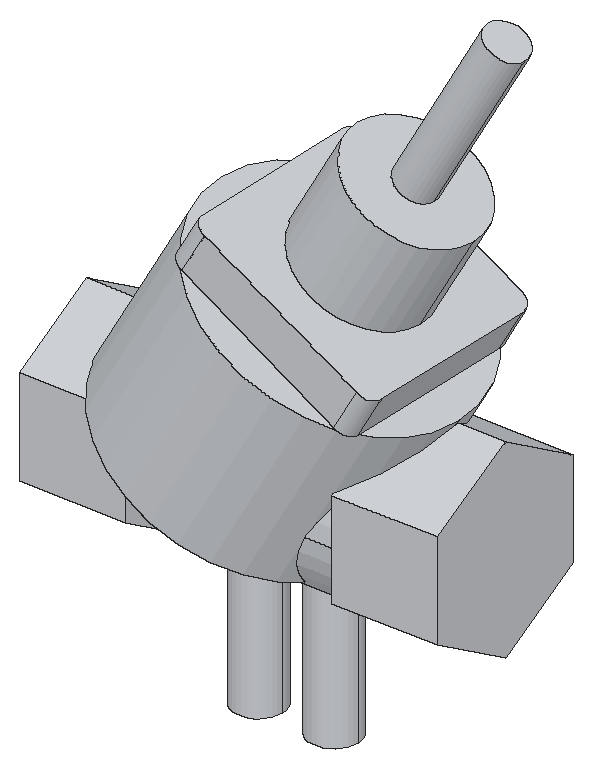
Revit family "OPTIMA_Compact_Plus_FF_DN40_15_RFA_2018", category Pipe Accessories, Revit 2018
Family settings
  Round Connector Dimension = Use Diameter
  Part Type = Valve - Breaks Into
  Work Plane-Based = No
  Always vertical = Yes
  Cut with Voids When Loaded = No
  Shared = No
Parameters (values of type "OPTIMA Compact Plus DN40 F-F 15mm")
  magiProductId = "370c574abdd74299b576400338a818"
  magiProductFamilyId = "6a52986d8e934b98ba96fc38d8cea2"
  magiPartTypeId = 304
  isMeasuringValve [instance] = no
  ang2D [instance] = 0.00°
  Z = 7 mm
  X = 15 mm
  W2D = 40 mm
  VersionID = "2.0/2018.8.28.1/FRESE_OPTIMA-COMP-FF-BIG_001"
  Use Minimum Symbol Size [instance] = yes
  URL = "www.hydronic.cz"
  Type Comments = "vnitřní závit; PN25; -10~120°C, s měřením"
  S3 = 40 mm
  S2 = 14 mm
  S1 = 6 mm
  R9 = 8 mm
  R7 = 7 mm
  R6 = 22 mm
  R5 = 5 mm
  R4 = 34 mm
  R3 = 45 mm
  R2 = 27 mm
  R1 = 32 mm
  QmdConnectorList = "301;D;302;D"
  Productdata [instance] = ""
  PLG0 = yes
  Manufacturer = "Hydronic Systems Prague s.r.o."
  MC Product Code = "53-1375  (6/4\" F-F; 15mm; Qmin-dpmin 1370l/h-10.0kPa; Qmax-dpmin 9500l/h-25.0kPa; dpmax 800kPa)"
  MC Piping Given Pressure Drop [instance] = 0.0 Pa
  LL = 69 mm
  L6 = 10 mm
  L5 = 29 mm
  L4 = 90 mm
  L3 = 12.5 mm
  L2D_Min = 3048 mm
  L2D = 138 mm
  L2 = 68 mm
  L1__ve = -L1  # -35 mm
  L1 = 35 mm
  H7 = 85.5 mm
  H6__ve = -H6  # -74 mm
  H6 = 74 mm
  H51 = 40 mm
  H5 = 30 mm
  H4 = 60 mm
  H31 = 9.5 mm
  H3 = 35 mm
  H2 = 15 mm
  H1 = 62 mm
  Description = "Tlakově nezávislý 2-cestný regulační vyvažovací ventil (PICV)"
  D = 40 mm
  CenSd_R1_6 = R1 * cos(30.00°)  # 27.713 mm
  A = 30.00°
Types (2, lengths in mm): name | magiProductId | Z | X | R2 | R1 | MC Product Code | H6__ve | H6 | D | CenSd_R1_6
  OPTIMA Compact Plus DN40 F-F 15mm | "370c574abdd74299b576400338a818" | 7 | 15 | 27 | 32 | "53-1375  (6/4\" F-F; 15mm; Qmin-dpmin 1370l/h-10.0kPa; Qmax-dpmin 9500l/h-25.0kPa; dpmax 800kPa)" | -74 | 74 | 40 | 27.713
  OPTIMA Compact Plus DN50 F-F 15mm | "624daa8973ca4b919c2525e9502345" | 0 | 19 | 34 | 40 | "53-1376  (2\" F-F; 15mm; Qmin-dpmin 1400l/h-10.0kPa; Qmax-dpmin 11500l/h-36.0kPa; dpmax 800kPa)" | -82 | 82 | 50 | 34.641
Reference planes
  plane 1 "Center (Front/Back)": y = 0
  plane 2 "XYPLANE": z = 0
  plane 3 "Center (Left/Right)": x = 0
  plane 4 "356": through (328.235, 0, 676.519) normal (0.866, 0, -0.5)
  plane 5 "353": through (395.785, 0, 637.519) normal (0.866, 0, -0.5)
  plane 6 "350": through (387.124, 0, 642.519) normal (0.866, 0, -0.5)
  plane 7 "347": through (336.895, 0, 671.519) normal (0.866, 0, -0.5)
  plane 8 "345": through (-609.769, 0, 443.849) normal (0.5, 0, 0.866)
  plane 9 "340": y = -72
  plane 10 "339": y = 47
  plane 11 "338": through (439.952, 0, 612.019) normal (0.866, 0, -0.5)
  plane 12 "337": through (284.067, 0, 702.019) normal (0.866, 0, -0.5)
  plane 13 "267": x = 12.5
  plane 14 "266": x = -12.5
  plane 15 "252": through (-552.019, 0, 543.875) normal (0.5, 0, 0.866)
  plane 16 "250": through (-567.019, 0, 517.894) normal (0.5, 0, 0.866)
  plane 17 "248": through (-597.019, 0, 465.933) normal (0.5, 0, 0.866)
  plane 18 "245": through (-614.519, 0, 435.622) normal (0.5, 0, 0.866)
  plane 19 "241": through (332.565, 0, 674.019) normal (0.866, 0, -0.5)
  plane 20 "240": through (391.454, 0, 640.019) normal (0.866, 0, -0.5)
  plane 21 "239": y = -34
  plane 22 "238": y = 34
  plane 23 "237": through (-622.019, 0, 422.631) normal (0.5, 0, 0.866)
  plane 24 "235": through (-653.019, 0, 368.938) normal (0.5, 0, 0.866)
  plane 25 "231": y = 0
  plane 26 "230": through (362.01, 0, 657.019) normal (0.866, 0, -0.5)
  plane 27 "211": x = -34
  plane 28 "204": x = 69
  plane 29 "203": x = -69
  plane 30 "202": x = 0
  plane 31 "201": z = 0
  plane 32 "200": y = 0
  plane 33 "227XY": through (-649.519, 0, 375) normal (0.5, 0, 0.866)
  plane 34 "227XZ": y = 0
  plane 35 "227YZ": through (375, 0, 649.519) normal (0.866, 0, -0.5)
Forms (mm)
  Extrusion 1, solid
    sketch origin (-597.019, 0, 465.933) x (0.866025, 0, -0.5) y (0, 1, 0)
      loop
        circle (735, 0) r 7
    from 0 to 60 <- "H4"
  Extrusion 2, solid
    sketch origin (69, -750, 0) x (0, 1, 0) y (0, 0, 1)
      loop
        line (750, 32) -> (722.287, 16) -> (722.287, -16) -> (750, -32) -> (777.713, -16) -> (777.713, 16) -> (750, 32)
    from 0 to -35 <- "L1__ve"
  Extrusion 3, solid
    sketch origin (-69, -750, 0) x (0, 1, 0) y (0, 0, 1)
      loop
        line (750, 32) -> (722.287, 16) -> (722.287, -16) -> (750, -32) -> (777.713, -16) -> (777.713, 16) -> (750, 32)
    from 0 to 35 <- "L1"
  Extrusion 4, solid, visible <- "PLG0"
    sketch origin (-750, 0, 0) x (1, 0, 0) y (0, 1, 0)
      loop
        circle (762.5, 0) r 8
    from 0 to -74 <- "H6__ve"
  Extrusion 5, solid, visible <- "PLG0"
    sketch origin (-750, 0, 0) x (1, 0, 0) y (0, 1, 0)
      loop
        circle (737.5, 0) r 8
    from 0 to -74 <- "H6__ve"
  Extrusion 6, solid
    sketch origin (-614.519, 0, 435.622) x (0.866025, 0, -0.5) y (0, 1, 0)
      loop
        circle (735, 0) r 22
    from 0 to 35 <- "H3"
  Extrusion 7, solid
    sketch origin (-622.019, 0, 422.631) x (0.866025, 0, -0.5) y (0, 1, 0)
      loop
        arc (706, 34) -> (702.464, 32.536) -> (701, 29) r 5
        line (701, 29) -> (701, -29)
        arc (701, -29) -> (702.464, -32.536) -> (706, -34) r 5
        line (706, -34) -> (764, -34)
        arc (764, -34) -> (767.536, -32.536) -> (769, -29) r 5
        line (769, -29) -> (769, 29)
        arc (769, 29) -> (767.536, 32.536) -> (764, 34) r 5
        line (764, 34) -> (706, 34)
    from 0 to 15 <- "H2"
  Extrusion 8, solid
    sketch origin (-653.019, 0, 368.938) x (0.866025, 0, -0.5) y (0, 1, 0)
      loop
        circle (735, 0) r 45
    from 0 to 62 <- "H1"
  Extrusion 9, solid
    sketch origin (-34, -750, 0) x (0, 1, 0) y (0, 0, 1)
      loop
        circle (750, 0) r 27
    from 0 to 68 <- "L2"
  Extrusion 10, solid, not visible
    sketch origin (69, -750, 0) x (0, 1, 0) y (0, 0, 1)
      loop
        circle (750, 0) r 10
    from 0 to -10
  Extrusion 11, solid, not visible
    sketch origin (-69, -750, 0) x (0, 1, 0) y (0, 0, 1)
      loop
        circle (750, 0) r 10
    from 0 to 10
Lines and regions (mm)
  reference lines, not visible
    curve 1: circle (2, 2, 0) r 1 normal (0, 0, 1)
  reference lines
    curve 2: circle (-7.015, 0, 95.849) r 1 normal (0.5, 0, 0.866)
    curve 3: circle (60.535, 0, 56.849) r 1 normal (0.5, 0, 0.866)
    curve 4: circle (51.874, 0, 61.849) r 1 normal (0.5, 0, 0.866)
    curve 5: circle (1.645, 0, 90.849) r 1 normal (0.5, 0, 0.866)
    curve 6: line (69, 0, 0) -> (69, -13.856, -8)
    curve 7: line (69, 0, 0) -> (69, 0, -16)
    curve 8: line (69, 0, 0) -> (69, 13.856, -8)
    curve 9: line (-69, 0, 0) -> (-69, 13.856, -8)
    curve 10: line (-69, 0, 0) -> (-69, 0, -16)
    curve 11: line (-69, 0, 0) -> (-69, -13.856, -8)
Dimensions and locks
  plane 1 "Center (Front/Back)" to curve 1 = 2 mm
  "L6": plane 7 "347" to plane 4 "356"
  "L6": plane 6 "350" to plane 5 "353"
  "L5": plane 26 "230" to plane 6 "350"
  "L5": plane 26 "230" to plane 7 "347"
  "H31": plane 18 "245" to plane 8 "345"
  locked: plane 32 "200" to plane 9 "340" at 72
  locked: plane 25 "231" to plane 10 "339" at 47
  "L4": plane 26 "230" to plane 11 "338"
  "L4": plane 26 "230" to plane 12 "337"
  "L3": plane 3 "Center (Left/Right)" to plane 13 "267"
  "L3": plane 3 "Center (Left/Right)" to plane 14 "266"
  "H5": plane 16 "250" to plane 15 "252"
  "H4": plane 17 "248" to plane 16 "250"
  "H3": plane 18 "245" to plane 17 "248"
  "H2": plane 23 "237" to plane 18 "245"
  "R4": plane 26 "230" to plane 19 "241"
  "R4": plane 26 "230" to plane 20 "240"
  "R4": plane 32 "200" to plane 21 "239"
  "R4": plane 32 "200" to plane 22 "238"
  "H1": plane 24 "235" to plane 23 "237"
  "Z": plane 33 "227XY" to plane 24 "235"
  locked: plane 32 "200" to plane 25 "231"
  "X": plane 35 "227YZ" to plane 26 "230"
  "L1": plane 29 "203" to plane 27 "211"
  "LL": plane 3 "Center (Left/Right)" to plane 28 "204"
  "LL": plane 3 "Center (Left/Right)" to plane 29 "203"
  locked: plane 3 "Center (Left/Right)" to plane 30 "202"
  locked: plane 2 "XYPLANE" to plane 31 "201"
  locked: plane 1 "Center (Front/Back)" to plane 32 "200"
  "CenSd_R1_6": curve 6 to Extrusion 2 sketch curve  (x2)
  "CenSd_R1_6": curve 7 to Extrusion 2 sketch curve  (x2)
  "CenSd_R1_6": curve 8 to Extrusion 2 sketch curve  (x2)
  Extrusion 2 sketch curve to Extrusion 2 sketch curve = 0 mm  (x12)
  "CenSd_R1_6": curve 9 to Extrusion 3 sketch curve  (x2)
  "CenSd_R1_6": curve 10 to Extrusion 3 sketch curve  (x2)
  "CenSd_R1_6": curve 11 to Extrusion 3 sketch curve  (x2)
  Extrusion 3 sketch curve to Extrusion 3 sketch curve = 0 mm  (x12)
  Extrusion 7 sketch curve to Extrusion 7 sketch curve = 0 mm  (x16)
  "R7": radius of Extrusion 1 sketch curve
  "R9": radius of Extrusion 4 sketch curve
  "R9": radius of Extrusion 5 sketch curve
  "R6": radius of Extrusion 6 sketch curve
  "R5": radius of Extrusion 7 sketch curve  (x4)
  "R3": radius of Extrusion 8 sketch curve
  "R2": radius of Extrusion 9 sketch curve
  locked: curve 7 to curve 6 (angle 60.00°)
  locked: curve 8 to curve 7 (angle 60.00°)
  locked: curve 8 to curve 6 (angle 120.00°)
  locked: curve 10 to curve 9 (angle 60.00°)
  locked: curve 11 to curve 10 (angle 60.00°)
  locked: curve 11 to curve 9 (angle 120.00°)
  aligned and locked: level to plane 2 "XYPLANE"
  aligned and locked: curve 2 to plane 4 "356"
  aligned and locked: plane 25 "231" to curve 2
  aligned and locked: curve 3 to plane 5 "353"
  aligned and locked: plane 25 "231" to curve 3
  aligned and locked: curve 4 to plane 6 "350"
  aligned and locked: plane 25 "231" to curve 4
  aligned and locked: curve 5 to plane 7 "347"
  aligned and locked: plane 25 "231" to curve 5
  aligned and locked: plane 25 "231" to Extrusion 1 sketch curve
  aligned and locked: Extrusion 1 sketch curve to plane 26 "230"
  aligned and locked: plane 31 "201" to curve 8
  aligned and locked: curve 8 to plane 32 "200"
  aligned and locked: plane 31 "201" to curve 11
  aligned and locked: curve 11 to plane 32 "200"
  aligned and locked: plane 13 "267" to Extrusion 4 sketch curve
  aligned and locked: plane 32 "200" to Extrusion 4 sketch curve
  aligned and locked: plane 14 "266" to Extrusion 5 sketch curve
  aligned and locked: plane 32 "200" to Extrusion 5 sketch curve
  aligned and locked: plane 25 "231" to Extrusion 6 sketch curve
  aligned and locked: Extrusion 6 sketch curve to plane 26 "230"
  aligned and locked: Extrusion 7 sketch curve to plane 19 "241"
  aligned and locked: Extrusion 7 sketch curve to plane 21 "239"
  aligned and locked: Extrusion 7 sketch curve to plane 20 "240"
  aligned and locked: plane 22 "238" to Extrusion 7 sketch curve
  aligned and locked: plane 25 "231" to Extrusion 8 sketch curve
  aligned and locked: Extrusion 8 sketch curve to plane 26 "230"
  aligned and locked: plane 31 "201" to Extrusion 9 sketch curve
  aligned and locked: Extrusion 9 sketch curve to plane 32 "200"
  aligned and locked: plane 31 "201" to Extrusion 10 sketch curve
  aligned and locked: Extrusion 10 sketch curve to plane 32 "200"
  aligned and locked: plane 31 "201" to Extrusion 11 sketch curve
  aligned and locked: Extrusion 11 sketch curve to plane 32 "200"
Automatic sketch dimensions
  plane 1 "Center (Front/Back)" to Extrusion 10 sketch curve = 10 mm
  plane 1 "Center (Front/Back)" to Extrusion 11 sketch curve = 10 mm
  plane 3 "Center (Left/Right)" to curve 1 = 2 mm
  radius of curve 2 = 1 mm
  radius of curve 3 = 1 mm
  radius of curve 4 = 1 mm
  radius of curve 5 = 1 mm
  radius of curve 1 = 1 mm
Connectors
  piping at (-69, 0, 0), diameter 40, driven by "D"
    settings: on Extrusion 11, index 1, connector inside diameter 609.6 mm, connector length 0 mm, flow factor 0, pipe flow 0.0 L/s, pressure drop 0.0 Pa, fitting loss kfactor 0, connector angle 0.00°, fixture units 0, engagement length 0 mm, angle of deflection 0.00°, flow configuration 0, flow direction 0, fitting loss method 0, system type 29, joint type 0, gender type 0, connector reference index 2, connector utility 0, adjustable connector no, is connector primary yes, connector description ""
  piping at (69, 0, 0), diameter 40, driven by "D"
    settings: on Extrusion 10, index 2, connector inside diameter 609.6 mm, connector length 0 mm, flow factor 0, pipe flow 0.0 L/s, pressure drop 0.0 Pa, fitting loss kfactor 0, connector angle 0.00°, fixture units 0, engagement length 0 mm, angle of deflection 0.00°, flow configuration 0, flow direction 0, fitting loss method 0, system type 29, joint type 0, gender type 0, connector reference index 1, connector utility 0, adjustable connector no, is connector primary no, connector description ""
